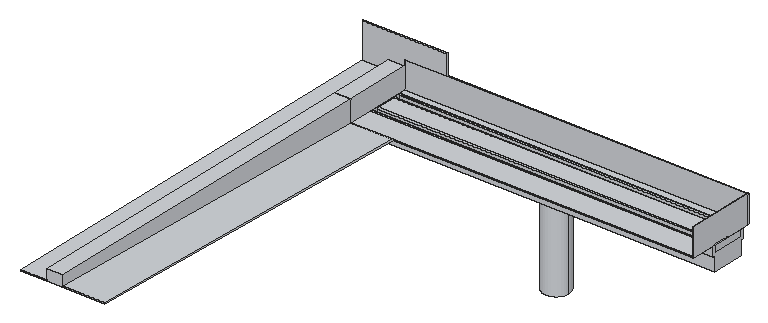
Revit family "RS775KV.SDuschrinne", category Sanitärinstallationen, Revit 2020
Family settings
  Bemaßung runder Anschluss = Durchmesser verwenden
  Teiletyp = Normal
  Arbeitsebenenbasiert = Nein
  Immer vertikal = Ja
  Beim Laden mit Abzugskörper schneiden = Nein
  Gemeinsam genutzt = Nein
  Raumberechnungspunkt = Nein
Parameters
  Übergangsbride [instance] = no
  umlaufender Kleberand [instance] = no
  Vorgabe-Ansicht = 0 mm
  Verdeckt [instance] = yes
  Verbindungsbügel [instance] = L Links + L Rechts  # 800 mm
  URL = "https://www.resitec.ch/"
  Seitenprofil Länge [instance] = 800 mm
  Seitenprofil Links [instance] = yes
  Seitenprofil 4.5mm [instance] = no
  Seitenprofil 20mm [instance] = no
  Seitenprofil [instance] = yes
  Rost innen ref [instance] = 10 mm
  Rinnen Tiefe [instance] = 67 mm  # constant formula
  Rinnen Breite rechts [instance] = 400 mm
  Rinnen Breite links [instance] = 400 mm
  Rand Seitlich [instance] = 80 mm
  RS_zargonref [instance] = if([1x Zarge], 3 mm, if([2x Zarge], 2 mm, if([3x Zarge], 1 mm, 7 mm)))  # 7 mm
  RS_sponref [instance] = if(Seitenprofil, if(Seitenprofil Links, 1, 2), 0)  # 1
  RS_spRon [instance] = (RS_sponref = 2)  # no
  RS_spLon [instance] = (RS_sponref = 1)  # yes
  RS_sFalz [instance] = 4.5 mm
  RS_s002 = 1.8 mm
  RS_s001 = 3 mm  # constant formula
  RS_rechtsKR [instance] = L Rechts + RS_KR  # 479 mm
  RS_1ZGSB [instance] = no
  RS_0xZGveron [instance] = no
  RS_min80 [instance] = if(Rinnen Tiefe < 60 mm, 60 mm, Rinnen Tiefe)  # 67 mm
  RS_linksKR [instance] = L Links + RS_KR  # 479 mm
  RS_hts [instance] = 3 mm
  RS_gefun [instance] = 60 mm
  RS_gefob [instance] = 40 mm
  RS_dpschon [instance] = yes
  RS_dimmin95 [instance] = 100 mm
  RS_dimk001 = 115 mm  # constant formula
  RS_dim002ref [instance] = 0 mm
  RS_dim001 [instance] = if(Verdeckt, 2 mm, if(RS_zargonref = 1 mm, 2 mm, if(RS_zargonref = 2 mm, 20 mm, if(RS_zargonref = 3 mm, 2 mm, 20 mm))))  # 2 mm
  RS_dim002 [instance] = if(Verdeckt, 2 mm, if(RS_zargonref = 1 mm, 2 mm, if(RS_zargonref = 2 mm, 20 mm, if(RS_zargonref = 3 mm, 2 mm, 20 mm))))  # 2 mm
  RS_dim003 [instance] = 46 mm  # constant formula
  RS_diaRost [instance] = 2 mm
  RS_diaFalz [instance] = (RS_sFalz / 2) - 0.4 mm  # 1.85 mm
  RS_dia002 = 110 mm
  RS_dia001 = 227.5 mm
  RS_breite Rand [instance] = Rand Seitlich  # 80 mm
  RS_bSeitenpro [instance] = if(Seitenprofil 20mm, 20 mm, if(Seitenprofil 4.5mm, 4.5 mm, 29 mm))  # 29 mm
  RS_RohrL [instance] = if(Länge Rohr < RS_gefun, ((RS_gefun + 10 mm) - RS_gefob), Länge Rohr)  # 200 mm
  RS_RinneRon [instance] = yes
  RS_RinneLon [instance] = yes
  RS_LrechtsSeitenpro [instance] = Seitenprofil Länge  # 800 mm
  RS_LlinksSeitenpro [instance] = Seitenprofil Länge  # 800 mm
  RS_KRvorne [instance] = 80 mm  # constant formula
  RS_KRref [instance] = if([1x Zarge], 50 mm, (if([3x Zarge], 28 mm, (if(RS_3Zargon, 18 mm, 50 mm)))))  # 50 mm
  RS_KRr [instance] = yes
  RS_KRon [instance] = no
  RS_KRl [instance] = yes
  RS_KRhinten [instance] = 48 mm  # constant formula
  RS_KR [instance] = if(RS_zargonref = 2 mm, 28 mm, if(Seitenprofil, RS_KRref + RS_bSeitenpro, RS_KRref))  # 79 mm
  RS_HZarge [instance] = H Zarge  # 50 mm
  RS_DN2 = 0 mm
  RS_DN1d [instance] = D  # 48.5 mm
  RS_DN1 = 100 mm  # constant formula
  RS_URL = "https://resitec.ch/entwaesserungstechnik/entwaesserungsrinnen/"
  RS_Rost_Typ [instance] = ""
  RS_Manufacture = "Resitec"  # constant formula
  RS_Description [instance] = "verdeckt an Wand mit Auslaufkasten\r\n exzentrisch sowie mit Kleberand und Zarge"
  RS_Articelnumber [instance] = "Schlitzrinne"
  RS_2Zargon [instance] = if([2x Zarge], if(Seitenprofil, RS_zargonref > 8 mm, RS_zargonref < 3 mm), RS_zargonref = 1 mm)  # no
  RS_3Zargon [instance] = if(Seitenprofil, RS_zargonref > 8 mm, RS_zargonref = 1 mm)  # no
  RS_1xZGverdref [instance] = if(RS_zargonref = 7 mm, 1, 0)  # 1
  RS_1xZGverdon [instance] = RS_1xZGverdref = 0  # no
  RS_1Zargon [instance] = if([1x Zarge], RS_zargonref < 4 mm, RS_zargonref = 1 mm)  # no
  RS_0xZGverdonref [instance] = if(Verdeckt, if([2x Zarge], 2 mm, 7 mm), 7 mm)  # 7 mm
  Länge Rohr [instance] = 200 mm
  L Rechts Innen ref [instance] = if(RS_2Zargon, L Rechts, L Rechts - RS_breite Rand)  # 320 mm
  L Rechts [instance] = Rinnen Breite rechts  # 400 mm
  L Links innen ref [instance] = if(RS_2Zargon, L Links, L Links - RS_breite Rand)  # 320 mm
  L Links [instance] = Rinnen Breite links  # 400 mm
  Hersteller = RS_Manufacture  # "Resitec"
  H Zarge [instance] = 50 mm  # constant formula
  D [instance] = 48.5 mm
  Breite Innen ref [instance] = 40 mm  # constant formula
  Breite Aussen ref [instance] = 60 mm  # constant formula
  Description = ""
  Baugruppenkennzeichen = "D2030300"
  B [instance] = L Links + L Rechts  # 800 mm
  Anschlusswert DU L/s = 0
  A [instance] = L Links innen ref + L Rechts Innen ref  # 640 mm
  3x Zarge [instance] = no
  2x Zarge [instance] = no
  1x Zarge [instance] = no
Reference planes
  plane 1 "Mitte (Vorne/hinten)": y = 0
  plane 2: z = 0
  plane 3 "Mitte (Links/rechts)": x = 0
  plane 4: x = -399
  plane 5: x = 399
  plane 6: y = 30
  plane 7: y = -30
  plane 8 "Lsite": x = -320
  plane 9 "Rsite": x = 320
  plane 10 "ebeneKBlech": z = -2
  plane 11 "ebeneKBlechVAR": z = -2
  plane 12 "back": y = 48
  plane 13: x = 479
  plane 14 "KRfront": y = -80
  plane 15: x = -479
  plane 16: z = -200
  plane 17: x = -318.2
  plane 18: x = 318.2
  plane 19: z = -46
  plane 20 "min80": z = -67
  plane 21: z = 50
  plane 22: x = -349
  plane 23: x = 349
  plane 24 "FrontspL": y = -752
  plane 25 "FrontspR": y = -752
  plane 26: x = -241
  plane 27: x = 241
  plane 28: y = -34.5
  plane 29: y = 34.5
  plane 30: y = 20
  plane 31: y = -20
  plane 32: y = -32.25
  plane 33: y = 32.25
  plane 34: z = 88
  plane 35 "-20base": z = -20
  plane 36: x = 348
  plane 37: x = -348
  plane 38: z = -0.2
  plane 39 "+20": z = 20
  plane 40: z = 40
Forms (mm)
  Extrusion 1, solid
    sketch origin (0, 80.5, -2) x (-1, 0, 0) y (0, -1, 0)
      loop
        circle (0, 80.5) r 24.15
    from -198 to -44
  Extrusion 2, solid
    sketch origin (0, 0, 0) x (0, 1, 0) y (0, 0, 1)
      loop
        line (-30, -46) -> (30, -46) -> (30, -20) -> (34.5, -20) -> (34.5, -1.85)
        arc (34.5, -1.85) -> (33.958, -0.542) -> (32.65, 0) r 1.85
        line (32.65, 0) -> (31.85, 0)
        arc (31.85, 0) -> (30.542, -0.542) -> (30, -1.85) r 1.85
        line (30, -1.85) -> (30, -15) -> (-30, -15) -> (-30, -1.85)
        arc (-30, -1.85) -> (-30.542, -0.542) -> (-31.85, 0) r 1.85
        line (-31.85, 0) -> (-32.65, 0)
        arc (-32.65, 0) -> (-33.958, -0.542) -> (-34.5, -1.85) r 1.85
        line (-34.5, -1.85) -> (-34.5, -20) -> (-30, -20) -> (-30, -46)
    from -320 to 320
  Extrusion 3, solid
    sketch origin (0, 0, -2) x (-1, 0, 0) y (0, -1, 0)
      loop
        line (320, 32.25) -> (320, 80) -> (-320, 80) -> (-320, 32.25) -> (320, 32.25)
    from 0 to 1.8
  Extrusion 4, solid
    sketch origin (0, 0, 0) x (0, 1, 0) y (0, 0, 1)
      loop
        line (18, 0) -> (-18, 0)
        arc (-18, 0) -> (-19.414, -0.586) -> (-20, -2) r 2
        line (-20, -2) -> (-20, -13.505) -> (20, -13.505) -> (20, -2)
        arc (20, -2) -> (19.414, -0.586) -> (18, 0) r 2
    from -318.2 to 318.2
  Extrusion 5, solid, visible <- "RS_1Zargon"
    sketch origin (0, 0, 0) x (0, 1, 0) y (0, 0, 1)
      loop
        line (48, 50) -> (46.2, 50) -> (46.2, -2) -> (48, -2) -> (48, 50)
    from -320 to 320
  Extrusion 6, solid
    sketch origin (0, 0, -13) x (1, 0, 0) y (0, 1, 0)
      loop
        line (-320, 48) -> (-320, 32.25) -> (320, 32.25) -> (320, 48) -> (-320, 48)
    from 11 to 12.8
  Extrusion 7, solid, visible <- "RS_spRon"
    sketch origin (-320, 124.731, 1200) x (0, 1, 0) y (0, 0, 1)
      loop
        line (-76.731, -1150) -> (-204.731, -1150) -> (-204.731, -1202) -> (-76.731, -1202) -> (-76.731, -1150)
    from 0 to 1.8
  Extrusion 8, solid, visible <- "RS_spLon"
    sketch origin (748.2, 124.731, 1200) x (0, 1, 0) y (0, 0, 1)
      loop
        line (-76.731, -1150) -> (-204.731, -1150) -> (-204.731, -1202) -> (-76.731, -1202) -> (-76.731, -1150)
    from -430 to -428.2
  Extrusion 9, solid, visible <- "RS_spLon"
    sketch origin (0, 48, 0) x (-1, 0, 0) y (0, 0, 1)
      loop
        line (399, 20) -> (399, 88) -> (241, 88) -> (241, 50) -> (320, 50) -> (320, 20) -> (399, 20)
    from 0 to -1.8
  Extrusion 10, solid
    sketch origin (0, 0, -20) x (0, 1, 0) y (-1, 0, 0)
      loop
        line (32.25, 320) -> (-32.25, 320) -> (-32.25, 318.2) -> (32.25, 318.2) -> (32.25, 320)
    from 0 to 20
  Extrusion 11, solid
    sketch origin (0, 0, -20) x (0, 1, 0) y (-1, 0, 0)
      loop
        line (32.25, -318.2) -> (-32.25, -318.2) -> (-32.25, -320) -> (32.25, -320) -> (32.25, -318.2)
    from 18 to 20
  Extrusion 12, solid, visible <- "1x Zarge"
    sketch origin (-320, 124.731, 1200) x (0, 1, 0) y (0, 0, 1)
      loop
        line (-78.531, -1202) -> (-78.531, -1200.2) -> (-90.231, -1200.2) -> (-90.231, -1202) -> (-78.531, -1202)
    from 0 to 1.8
  Extrusion 13, solid, visible <- "RS_1ZGSB"
    sketch origin (748.2, 124.731, 1200) x (0, 1, 0) y (0, 0, 1)
      loop
        line (-78.531, -1202) -> (-78.531, -1200.2) -> (-90.231, -1200.2) -> (-90.231, -1202) -> (-78.531, -1202)
    from -430 to -428.2
  Extrusion 14, solid, visible <- "RS_spRon"
    sketch origin (0, 48, 10.387) x (1, 0, 0) y (0, 0, -1)
      loop
        line (399, -9.613) -> (320, -9.613) -> (320, -39.613) -> (241, -39.613) -> (241, -77.613) -> (399, -77.613) -> (399, -9.613)
    from 0 to -1.8
  Extrusion 15, solid
    sketch origin (1598.2, 0, -20) x (0, 1, 0) y (-1, 0, 0)
      loop
        line (32.25, 1280) -> (-32.25, 1280) -> (-32.25, 1278.2) -> (32.25, 1278.2) -> (32.25, 1280)
    from 0 to 20
  Extrusion 16, solid, visible <- "Seitenprofil"
    sketch origin (0, 0, 0) x (1, 0, 0) y (0, 1, 0)
      loop
        line (-320, 48) -> (-320, 46.2) -> (320, 46.2) -> (320, 48) -> (-320, 48)
    from 0 to 50
  Extrusion 17, solid, visible <- "RS_spLon"
    sketch origin (0, 0, 0) x (1, 0, 0) y (0, 1, 0)
      loop
        line (-349, 48) -> (-349, -80) -> (-320, -80) -> (-320, 48) -> (-349, 48)
    from 0 to 40
  Extrusion 18, solid, visible <- "RS_spRon"
    sketch origin (0, 0, 0) x (1, 0, 0) y (0, 1, 0)
      loop
        line (320, 48) -> (320, -80) -> (349, -80) -> (349, 48) -> (320, 48)
    from 0 to 40
  Blend 19, solid, visible <- "RS_spLon"
    base sketch origin (0, -80, 0) x (1, 0, 0) y (0, 0, 1)
      loop
        line (-349, 40) -> (-349, -2) -> (-241, -2) -> (-241, 0) -> (-320, 0) -> (-320, 40) -> (-349, 40)
    top sketch origin (0, -80, 0) x (1, 0, 0) y (0, 0, 1)
      loop
        line (-349, 40) -> (-349, 20) -> (-241, 20) -> (-241, 22.28) -> (-320, 22.28) -> (-320, 40) -> (-349, 40)
    from 0 to 672
  Extrusion 20, solid, visible <- "RS_spLon"
    sketch origin (0, 0, 20) x (-1, 0, 0) y (0, -1, 0)
      loop
        line (399, -48) -> (399, 752) -> (349, 752) -> (349, -48) -> (399, -48)
    from 0 to 2
  Extrusion 21, solid, visible <- "RS_spRon"
    sketch origin (0, 0, 20) x (-1, 0, 0) y (0, -1, 0)
      loop
        line (-399, -48) -> (-349, -48) -> (-349, 752) -> (-399, 752) -> (-399, -48)
    from 0 to 2
  Blend 22, solid, visible <- "RS_spRon"
    base sketch origin (0, -80, 0) x (-1, 0, 0) y (0, 0, -1)
      loop
        line (-349, -40) -> (-320, -40) -> (-320, 0) -> (-241, 0) -> (-241, 2) -> (-349, 2) -> (-349, -40)
    top sketch origin (0, -80, 0) x (-1, 0, 0) y (0, 0, -1)
      loop
        line (-349, -40) -> (-320, -40) -> (-320, -22.28) -> (-241, -22.28) -> (-241, -20) -> (-349, -20) -> (-349, -40)
    from 0 to 672
Dimensions and locks
  equal spacing: plane 7, plane 1 "Mitte (Vorne/hinten)", plane 6
  "Breite Aussen ref": plane 6 to plane 7
  "L Links innen ref": plane 8 "Lsite" to plane 3 "Mitte (Links/rechts)"
  "L Rechts Innen ref": plane 3 "Mitte (Links/rechts)" to plane 9 "Rsite"
  "RS_dim001": level to plane 10 "ebeneKBlech"
  "RS_dim002": level to plane 11 "ebeneKBlechVAR"
  "RS_linksKR": plane 15 to plane 3 "Mitte (Links/rechts)"
  "RS_rechtsKR": plane 3 "Mitte (Links/rechts)" to plane 13
  "RS_KRhinten": plane 1 "Mitte (Vorne/hinten)" to plane 12 "back"
  "RS_KRvorne": plane 14 "KRfront" to plane 1 "Mitte (Vorne/hinten)"
  "RS_s002": plane 8 "Lsite" to plane 17
  "RS_s002": plane 18 to plane 9 "Rsite"
  "RS_dim003": level to plane 19
  "Länge Rohr": level to plane 16
  "RS_min80": level to plane 20 "min80"
  "RS_HZarge": plane 21 to level
  "RS_bSeitenpro": plane 22 to plane 8 "Lsite"
  "RS_bSeitenpro": plane 9 "Rsite" to plane 23
  "RS_LlinksSeitenpro": plane 12 "back" to plane 24 "FrontspL"
  "RS_LrechtsSeitenpro": plane 12 "back" to plane 25 "FrontspR"
  "RS_KR": plane 8 "Lsite" to plane 26
  "RS_KR": plane 27 to plane 9 "Rsite"
  "RS_sFalz": plane 7 to plane 28
  "RS_sFalz": plane 29 to plane 6
  equal spacing: plane 30, plane 1 "Mitte (Vorne/hinten)", plane 31
  "Breite Innen ref": plane 30 to plane 31
  equal spacing: plane 29, plane 33, plane 6, locked at 2.25 each
  equal spacing: plane 7, plane 32, plane 28, locked at 2.25 each
  "RS_s002": Extrusion 3 to plane 11 "ebeneKBlechVAR"
  level to Extrusion 4 sketch curve = 13.505 mm
  "RS_s002": plane 12 "back" to Extrusion 5 sketch curve
  "RS_s002": Extrusion 6 to plane 10 "ebeneKBlech"
  level to Extrusion 2 sketch curve = 20 mm  (x2)
  level to Extrusion 2 sketch curve = 15 mm
  "RS_KR": plane 4 to plane 8 "Lsite"
  "RS_KR": plane 9 "Rsite" to plane 5
  plane 34 to plane 21 = 38 mm
  "RS_s002": plane 12 "back" to Extrusion 9  (x2)
  level to plane 35 "-20base" = 20 mm
  plane 9 "Rsite" to plane 36 = 28 mm
  plane 37 to plane 8 "Lsite" = 28 mm
  "RS_s002": plane 12 "back" to Extrusion 16 sketch curve
  "RS_s002": plane 38 to plane 11 "ebeneKBlechVAR"
  Extrusion 14 sketch curve to level = 20 mm
  Extrusion 9 sketch curve to level = 20 mm
  locked: plane 39 "+20" to level at 20
  Blend 19 sketch curve to plane 39 "+20" = 2.28 mm
  Blend 19 sketch curve to plane 39 "+20" = 20 mm
  plane 40 to plane 39 "+20" = 20 mm
  diameter of Extrusion 1 sketch curve = 48.3 mm
  "RS_diaFalz": radius of Extrusion 2 sketch curve  (x4)
  "RS_diaRost": radius of Extrusion 4 sketch curve  (x2)
  aligned and locked: level to plane 2
  aligned and locked: Extrusion 1 to plane 16
  aligned and locked: Extrusion 2 sketch curve to plane 19
  aligned and locked: plane 28 to Extrusion 2 sketch curve
  aligned and locked: Extrusion 2 sketch curve to plane 29
  aligned and locked: Extrusion 2 sketch curve to level
  aligned and locked: level to Extrusion 2 sketch curve
  aligned and locked: plane 32 to Extrusion 3 sketch curve
  aligned and locked: Extrusion 3 sketch curve to Extrusion 2
  aligned and locked: Extrusion 3 sketch curve to plane 14 "KRfront"
  aligned and locked: Extrusion 3 sketch curve to plane 9 "Rsite"
  aligned and locked: Extrusion 4 sketch curve to level
  aligned and locked: Extrusion 4 sketch curve to plane 31
  aligned and locked: plane 30 to Extrusion 4 sketch curve
  aligned and locked: plane 21 to Extrusion 5 sketch curve
  aligned and locked: plane 12 "back" to Extrusion 5 sketch curve
  aligned and locked: plane 9 "Rsite" to Extrusion 5
  aligned and locked: Extrusion 5 to plane 8 "Lsite"
  aligned and locked: plane 12 "back" to Extrusion 6
  aligned and locked: plane 33 to Extrusion 6
  aligned and locked: Extrusion 6 to plane 10 "ebeneKBlech"
  aligned and locked: Extrusion 6 to plane 8 "Lsite"
  aligned and locked: plane 9 "Rsite" to Extrusion 6
  aligned and locked: plane 19 to Extrusion 1
  aligned and locked: Extrusion 5 sketch curve to plane 10 "ebeneKBlech"
  aligned and locked: Extrusion 2 to plane 8 "Lsite"
  aligned and locked: plane 9 "Rsite" to Extrusion 2
  aligned and locked: Extrusion 7 sketch curve to Extrusion 5  (x2)
  aligned and locked: Extrusion 7 sketch curve to Extrusion 3  (x2)
  aligned and locked: Extrusion 7 to plane 17
  aligned and locked: plane 12 "back" to Extrusion 8
  aligned and locked: plane 14 "KRfront" to Extrusion 8
  aligned and locked: plane 18 to Extrusion 8
  aligned and locked: plane 9 "Rsite" to Extrusion 8
  aligned and locked: Extrusion 7 to plane 8 "Lsite"
  aligned and locked: Extrusion 8 to plane 11 "ebeneKBlechVAR"
  aligned and locked: plane 21 to Extrusion 8
  aligned and locked: Extrusion 10 sketch curve to Extrusion 2
  aligned and locked: plane 17 to Extrusion 10 sketch curve
  aligned and locked: Extrusion 11 sketch curve to plane 18
  aligned and locked: Extrusion 11 sketch curve to Extrusion 2
  aligned and locked: Extrusion 12 sketch curve to Extrusion 9
  aligned and locked: Extrusion 10 to plane 33
  aligned and locked: plane 32 to Extrusion 11
  aligned and locked: Extrusion 11 to plane 11 "ebeneKBlechVAR"
  aligned and locked: plane 9 "Rsite" to Extrusion 11
  aligned and locked: plane 18 to Extrusion 11
  aligned and locked: level to Extrusion 10
  aligned and locked: level to Extrusion 11
  aligned and locked: plane 29 to Extrusion 12
  aligned and locked: Extrusion 12 to Extrusion 5
  aligned and locked: Extrusion 12 to plane 17
  aligned and locked: plane 9 "Rsite" to Extrusion 13
  aligned and locked: plane 29 to Extrusion 13
  aligned and locked: plane 18 to Extrusion 13
  aligned and locked: Extrusion 4 to plane 18
  aligned and locked: plane 17 to Extrusion 4
  aligned and locked: Extrusion 14 to plane 9 "Rsite"
  aligned and locked: plane 5 to Extrusion 14
  aligned and locked: Extrusion 5 to Extrusion 14
  aligned and locked: plane 9 "Rsite" to Extrusion 15
  aligned and locked: plane 18 to Extrusion 15
  aligned and locked: Extrusion 16 sketch curve to Extrusion 5
  aligned and locked: Extrusion 16 sketch curve to plane 9 "Rsite"
  aligned and locked: plane 21 to Extrusion 14 sketch curve
  aligned and locked: Extrusion 17 sketch curve to plane 12 "back"
  aligned and locked: plane 22 to Extrusion 17 sketch curve
  aligned and locked: Extrusion 17 sketch curve to Extrusion 3
  aligned and locked: Extrusion 17 sketch curve to Extrusion 7
  aligned and locked: Extrusion 18 sketch curve to Extrusion 8
  aligned and locked: Extrusion 18 sketch curve to plane 23
  aligned and locked: Extrusion 18 sketch curve to plane 14 "KRfront"
  aligned and locked: Extrusion 18 sketch curve to plane 12 "back"
  aligned and locked: Extrusion 9 to plane 39 "+20"
  aligned and locked: Extrusion 14 to plane 39 "+20"
  aligned and locked: plane 22 to Blend 19 sketch curve
  aligned and locked: plane 11 "ebeneKBlechVAR" to Blend 19 sketch curve
  aligned and locked: Blend 19 sketch curve to level
  aligned and locked: Blend 19 sketch curve to plane 8 "Lsite"
  aligned and locked: Blend 19 sketch curve to plane 22
  aligned and locked: Blend 19 sketch curve to plane 39 "+20"
  aligned and locked: plane 8 "Lsite" to Blend 19 sketch curve
  aligned and locked: Blend 19 to plane 24 "FrontspL"
  aligned and locked: Extrusion 20 sketch curve to Extrusion 9  (x2)
  aligned and locked: Extrusion 20 sketch curve to Blend 19  (x2)
  aligned and locked: Extrusion 21 sketch curve to Extrusion 14  (x2)
  aligned and locked: Extrusion 21 sketch curve to plane 25 "FrontspR"
  aligned and locked: Extrusion 21 sketch curve to plane 23
  aligned and locked: Blend 22 to plane 14 "KRfront"
  aligned and locked: plane 24 "FrontspL" to Blend 22
  aligned and locked: plane 23 to Extrusion 18
  aligned and locked: Extrusion 18 to plane 9 "Rsite"
  aligned and locked: plane 12 "back" to Extrusion 18
  aligned and locked: plane 14 "KRfront" to Extrusion 18
  aligned and locked: Extrusion 18 to level
  aligned and locked: plane 40 to Blend 22
  aligned and locked: plane 40 to Blend 19
  aligned and locked: plane 34 to Extrusion 9
  aligned and locked: plane 34 to Extrusion 14
  aligned and locked: Extrusion 16 to plane 8 "Lsite"
Automatic sketch dimensions
  plane 1 "Mitte (Vorne/hinten)" to Extrusion 1 sketch curve = 0 mm
  Extrusion 1 sketch curve to plane 3 "Mitte (Links/rechts)" = 0 mm
  Extrusion 6 sketch curve to plane 8 "Lsite" = 0 mm
  Extrusion 6 sketch curve to plane 9 "Rsite" = 0 mm
  plane 33 to Extrusion 6 sketch curve = 0 mm
  Extrusion 6 sketch curve to plane 12 "back" = 0 mm
  Extrusion 8 sketch curve to plane 14 "KRfront" = 0 mm
  Extrusion 8 sketch curve to plane 10 "ebeneKBlech" = 0 mm
  Extrusion 8 sketch curve to plane 12 "back" = 0 mm
  Extrusion 8 sketch curve to plane 21 = 0 mm
  Extrusion 9 sketch curve to plane 21 = 0 mm
  Extrusion 9 sketch curve to plane 26 = 0 mm
  Extrusion 9 sketch curve to plane 8 "Lsite" = 0 mm
  Extrusion 9 sketch curve to plane 4 = 0 mm
  Extrusion 9 sketch curve to plane 34 = 0 mm
  plane 32 to Extrusion 10 sketch curve = 0 mm
  plane 33 to Extrusion 10 sketch curve = 0 mm
  plane 32 to Extrusion 11 sketch curve = 0 mm
  plane 33 to Extrusion 11 sketch curve = 0 mm
  Extrusion 12 sketch curve to plane 10 "ebeneKBlech" = 0 mm
  Extrusion 12 sketch curve to plane 29 = 0 mm
  Extrusion 12 sketch curve to plane 38 = 0 mm
  Extrusion 13 sketch curve to plane 10 "ebeneKBlech" = 0 mm
  Extrusion 13 sketch curve to plane 29 = 0 mm
  Extrusion 13 sketch curve to plane 38 = 0 mm
  Extrusion 13 sketch curve to plane 12 "back" = 1.8 mm
  Extrusion 14 sketch curve to plane 27 = 0 mm
  Extrusion 14 sketch curve to plane 9 "Rsite" = 0 mm
  Extrusion 14 sketch curve to plane 5 = 0 mm
  Extrusion 14 sketch curve to plane 34 = 0 mm
  Extrusion 15 sketch curve to plane 18 = 0 mm
  plane 32 to Extrusion 15 sketch curve = 0 mm
  plane 33 to Extrusion 15 sketch curve = 0 mm
  Extrusion 15 sketch curve to plane 9 "Rsite" = 0 mm
  Extrusion 16 sketch curve to plane 8 "Lsite" = 0 mm
  Extrusion 18 sketch curve to plane 23 = 0 mm
  Blend 19 sketch curve to plane 26 = 0 mm  (x2)
  Blend 19 sketch curve to plane 21 = 10 mm
  Blend 22 sketch curve to plane 10 "ebeneKBlech" = 0 mm
  Blend 22 sketch curve to plane 23 = 0 mm  (x2)
  Blend 22 sketch curve to level = 0 mm
  Blend 22 sketch curve to plane 9 "Rsite" = 0 mm  (x2)
  Blend 22 sketch curve to plane 27 = 0 mm  (x2)
  plane 21 to Blend 22 sketch curve = 10 mm  (x2)
  Blend 22 sketch curve to plane 39 "+20" = 0 mm
  Blend 22 sketch curve to Blend 22 sketch curve = 2.28 mm
  Extrusion 2 sketch curve to plane 7 = 0 mm  (x2)
  Extrusion 2 sketch curve to plane 6 = 0 mm  (x2)
